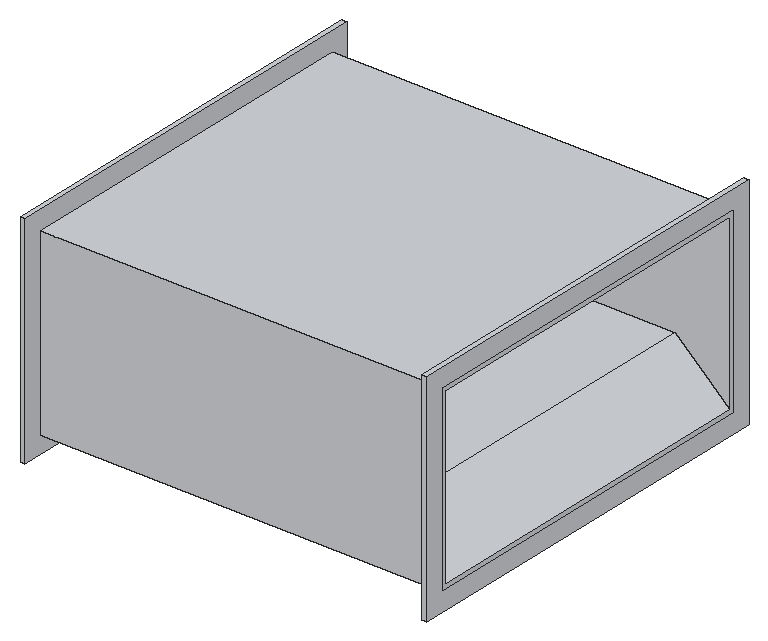
Revit family "ROSENBERG_EKAD", category Wyposażenie mechaniczne, Revit 2016
Family settings
  Typ części = Dzieli na
  Wymiar okrągłego złącza = Użyj średnicy
  Numer OmniClass = 23.75.00.00
  Tytuł OmniClass = Climate Control (HVAC)
  Oparty na płaszczyźnie roboczej = Nie
  Zawsze pionowo = Tak
  Tnij formami wycięć po wczytaniu = Nie
  Współdzielony = Tak
  Punkt obliczania pomieszczeń = Nie
Parameters (values of type "EKAD 200-4 Ex")
  param.szer.ogol = 440 mm
  param.os.went = 0 mm
  Użyj skali opisów [instance] = 0
  Szerokość przyłącza = param.Szerokość  # 400 mm
  param.wentylator = param.Wysokość + 40 mm  # 240 mm
  param.went.ram = 180 mm
  param.went.podstawaR = 250 mm
  param.went.podstawa2R = 160 mm
  param.otw = 60 mm
  param.Wysokość = 200 mm
  param.Szerokość = 400 mm
  Wysokość przyłącza = param.Wysokość  # 200 mm
  URL = "https://rosenberg.pl/pl/products/fans/duct-fans/rectangular-connection/eka/D80-20070/detail?page=1"
  Numer katalogowy = "D80-20070"
  Producent = "Rosenberg"
  param.Długość = 445 mm
  Opis = "Wentylator kanałowy EKA"
  Prąd znamionowy = 0.54 A
  Napięcie znamionowe = 400 V
  Model = "EKAD 200-4 Ex"
  Moc znamionowa = 290 W
  Materiał = none
  Masa = 12.30 kg
  Klasa szczelności = "IP44"
  Częstotliwość pracy = 50 Hz
  Charakterystyka pracy = "https://rosenberg.pl/pl/products/fans/duct-fans/rectangular-connection/eka/D80-20070/detail?page=1#product-characteristics"
Types (17, lengths in mm): name | param.szer.ogol | Szerokość przyłącza | param.wentylator | param.Wysokość | param.Szerokość | Wysokość przyłącza | URL | Numer katalogowy | param.Długość | Prąd znamionowy | Model | Moc znamionowa | Masa | Klasa szczelności | Charakterystyka pracy
  EKAD 200-4 Ex | 440 | 400 | 240 | 200 | 400 | 200 | "https://rosenberg.pl/pl/products/fans/duct-fans/rectangular-connection/eka/D80-20070/detail?page=1" | "D80-20070" | 445 | 0.54 A | "EKAD 200-4 Ex" | 290 W | 12.30 kg | "IP44" | "https://rosenberg.pl/pl/products/fans/duct-fans/rectangular-connection/eka/D80-20070/detail?page=1#product-characteristics"
  EKAD 225-4 Ex | 540 | 500 | 290 | 250 | 500 | 250 | "https://rosenberg.pl/pl/products/fans/duct-fans/rectangular-connection/eka/D80-22571/detail?page=1" | "D80-22571" | 530 | 1 A | "EKAD 225-4 Ex" | 540 W | 13.00 kg | "IP44" | "https://rosenberg.pl/pl/products/fans/duct-fans/rectangular-connection/eka/D80-22571/detail?page=1#product-characteristics"
  EKAD 250-4 Ex | 540 | 500 | 340 | 300 | 500 | 300 | "https://rosenberg.pl/pl/products/fans/duct-fans/rectangular-connection/eka/D80-25071/detail?page=1" | "D80-25071" | 560 | 1.4 A | "EKAD 250-4 Ex" | 750 W | 22.00 kg | "IP44" | "https://rosenberg.pl/pl/products/fans/duct-fans/rectangular-connection/eka/D80-25071/detail?page=1#product-characteristics"
  EKAD 280-4 Ex | 640 | 600 | 340 | 300 | 600 | 300 | "http://rosenberg.pl/pl/products/fans/duct-fans/rectangular-connection/eka/D80-28072/detail?page=1#product-description" | "D80-28072" | 680 | 3 A | "EKAD 280-4 Ex" | 1500 W | 36.50 kg | "IP44" | "http://rosenberg.pl/pl/products/fans/duct-fans/rectangular-connection/eka/D80-28072/detail?page=1#product-characteristics"
  EKAD 280-6 Ex | 640 | 600 | 340 | 300 | 600 | 300 | "https://rosenberg.pl/pl/products/fans/duct-fans/rectangular-connection/eka/D80-28073/detail?page=1" | "D80-28073" | 680 | 1 A | "EKAD 280-6 Ex" | 530 W | 28.00 kg | "IP44" | "https://rosenberg.pl/pl/products/fans/duct-fans/rectangular-connection/eka/D80-28073/detail?page=1#product-characteristics"
  EKAD 315-4 Ex | 640 | 600 | 390 | 350 | 600 | 350 | "https://rosenberg.pl/pl/products/fans/duct-fans/rectangular-connection/eka/D80-31574/detail?page=1" | "D80-31574" | 700 | 4 A | "EKAD 315-4 Ex" | 2000 W | 46.50 kg | "IP44" | "https://rosenberg.pl/pl/products/fans/duct-fans/rectangular-connection/eka/D80-31574/detail?page=1#product-characteristics"
  EKAD 315-6 Ex | 640 | 600 | 390 | 350 | 600 | 350 | "https://rosenberg.pl/pl/products/fans/duct-fans/rectangular-connection/eka/D80-31573/detail?page=1" | "D80-31573" | 700 | 1.35 A | "EKAD 315-6 Ex" | 710 W | 46.50 kg | "IP44" | "https://rosenberg.pl/pl/products/fans/duct-fans/rectangular-connection/eka/D80-31573/detail?page=1#product-characteristics"
  EKAD 355-6 Ex | 740 | 700 | 440 | 400 | 700 | 400 | "https://rosenberg.pl/pl/products/fans/duct-fans/rectangular-connection/eka/D80-35571/detail?page=2" | "D80-35571" | 780 | 2.4 A | "EKAD 355-6 Ex" | 1350 W | 55.50 kg | "IP44" | "https://rosenberg.pl/pl/products/fans/duct-fans/rectangular-connection/eka/D80-35571/detail?page=2#product-characteristics"
  EKAD 280-4.6FA | 640 | 600 | 340 | 300 | 600 | 300 | "https://rosenberg.pl/pl/products/fans/duct-fans/rectangular-connection/eka/D00-28059/detail?page=1" | "D00-28059" | 680 | 2.14 A | "EKAD 280-4.6FA" | 1090 W | 35.00 kg | "IP54" | "https://rosenberg.pl/pl/products/fans/duct-fans/rectangular-connection/eka/D00-28059/detail?page=1#product-characteristics"
  EKAD 315-4.6HF | 640 | 600 | 390 | 350 | 600 | 350 | "https://rosenberg.pl/pl/products/fans/duct-fans/rectangular-connection/eka/D00-31550/detail?page=1" | "D00-31550" | 700 | 4.1 A | "EKAD 315-4.6HF" | 1950 W | 44.00 kg | "IP54" | "https://rosenberg.pl/pl/products/fans/duct-fans/rectangular-connection/eka/D00-31550/detail?page=1#product-characteristics"
  EKAD 400-4.7NA | 840 | 800 | 540 | 500 | 800 | 500 | "https://rosenberg.pl/pl/products/fans/duct-fans/rectangular-connection/eka/D00-40050/detail?page=2" | "D00-40050" | 880 | 7 A | "EKAD 400-4.7NA" | 4100 W | 86.00 kg | "IP54" | "https://rosenberg.pl/pl/products/fans/duct-fans/rectangular-connection/eka/D00-40050/detail?page=2#product-characteristics"
  EKAD 400-6.7KF | 840 | 800 | 540 | 500 | 800 | 500 | "https://rosenberg.pl/pl/products/fans/duct-fans/rectangular-connection/eka/D00-40051/detail?page=2" | "D00-40051" | 880 | 5.3 A | "EKAD 400-6.7KF" | 2750 W | 82.00 kg | "IP54" | "https://rosenberg.pl/pl/products/fans/duct-fans/rectangular-connection/eka/D00-40051/detail?page=2#product-characteristics"
  EKAD 400-8.7HA | 840 | 800 | 540 | 500 | 800 | 500 | "https://rosenberg.pl/pl/products/fans/duct-fans/rectangular-connection/eka/D00-40052/detail?page=2" | "D00-40052" | 880 | 3 A | "EKAD 400-8.7HA" | 1400 W | 75.00 kg | "IP54" | "https://rosenberg.pl/pl/products/fans/duct-fans/rectangular-connection/eka/D00-40052/detail?page=2#product-characteristics"
  EKAD 450-6.7NA | 940 | 900 | 540 | 500 | 900 | 500 | "https://rosenberg.pl/pl/products/fans/duct-fans/rectangular-connection/eka/D00-45050/detail?page=2" | "D00-45050" | 1035 | 6.9 A | "EKAD 450-6.7NA" | 3350 W | 97.00 kg | "IP54" | "https://rosenberg.pl/pl/products/fans/duct-fans/rectangular-connection/eka/D00-45050/detail?page=2#product-characteristics"
  EKAD 450-8.7KF | 940 | 900 | 540 | 500 | 900 | 500 | "https://rosenberg.pl/pl/products/fans/duct-fans/rectangular-connection/eka/D00-45051/detail?page=2" | "D00-45051" | 1035 | 3.9 A | "EKAD 450-8.7KF" | 1930 W | 85.00 kg | "IP54" | "https://rosenberg.pl/pl/products/fans/duct-fans/rectangular-connection/eka/D00-45051/detail?page=2#product-characteristics"
  EKAD 355-4.7KF | 740 | 700 | 440 | 400 | 700 | 400 | "https://rosenberg.pl/pl/products/fans/duct-fans/rectangular-connection/eka/D00-35558/detail?page=2" | "D00-35558" | 780 | 5.85 A | "EKAD 355-4.7KF" | 3350 W | 61.00 kg | "IP54" | "https://rosenberg.pl/pl/products/fans/duct-fans/rectangular-connection/eka/D00-35558/detail?page=2#product-characteristics"
  EKAD 250-4.5FA | 540 | 500 | 340 | 300 | 500 | 300 | "https://rosenberg.pl/pl/products/fans/duct-fans/rectangular-connection/eka/D00-25055/detail?page=1" | "D00-25055" | 560 | 1.31 A | "EKAD 250-4.5FA" | 760 W | 23.00 kg | "IP54" | "https://rosenberg.pl/pl/products/fans/duct-fans/rectangular-connection/eka/D00-25055/detail?page=1#product-characteristics"
Reference planes
  plane 1 "Center (Front/Back)": y = 0
  plane 2: z = 0
  plane 3 "Center (Left/Right)": x = 0
  plane 4: y = 200
  plane 5: y = -200
  plane 6 "back1": x = -222.5
  plane 7 "front1": x = 222.5
  plane 8: z = 100
  plane 9: z = -100
  plane 10: z = -140
  plane 11: z = -40
  plane 12 "oś wentylatora": x = 0
  plane 13 "osw2": x = 162.5
  plane 14 "oc1": y = 240
  plane 15 "oc2": y = -240
Forms (mm)
  Extrusion 1, solid
    sketch origin (0, 0, 260) x (-1, 0, 0) y (0, -1, 0)
      loop
        line (222.5, -200) -> (222.5, 200) -> (-222.5, 200) -> (-222.5, -200) -> (222.5, -200)
    from -360 to -160
  Sweep 2, solid
    path origin (222.5, 0, 0) x (0, 1, 0) y (0, 0, 1)
      loop
        line (200, 100) -> (-200, 100) -> (-200, -100) -> (200, -100) -> (200, 100)
    profile origin (222.5, 0, 100) x (0, 0, -1) y (1, 0, 0)
      loop
        line (0, 0) -> (-20, 0) -> (-20, -5) -> (0, -5) -> (0, 0)
  Sweep 3, solid
    path origin (-222.5, 0, 0) x (0, 1, 0) y (0, 0, 1)
      loop
        line (200, 100) -> (-200, 100) -> (-200, -100) -> (200, -100) -> (200, 100)
    profile origin (-222.5, 0, 100) x (0, 0, -1) y (1, 0, 0)
      loop
        line (0, 0) -> (0, 5) -> (-20, 5) -> (-20, 0) -> (0, 0)
  SweptBlend 4, solid
    path origin (0, 0, 0) x (0, 0, 1) y (0, -1, 0)
      loop
        line (-100, 0) -> (-140, 0)
    profile "Profil2 : Profil2" origin (0, 0, -100) x (0, 1, 0) y (1, 0, 0)
      loop
        circle (0, 0) r 125
    end profile "Profil1 : Profil1" origin (0, 0, -140) x (0, 1, 0) y (1, 0, 0)
      loop
        circle (0, 0) r 80
  SweptBlend 5, void
    path origin (0, 0, 0) x (1, 0, 0) y (0, 0, 1)
      loop
        line (222.5, 0) -> (162.5, 0)
    profile origin (222.5, 0, 0) x (0, 0, -1) y (0, -1, 0)
      loop
        line (-95, -195) -> (95, -195) -> (95, 195) -> (-95, 195) -> (-95, -195)
    end profile origin (162.5, 0, 0) x (0, 0, -1) y (0, -1, 0)
      loop
        line (-95, 195) -> (-95, -195) -> (40, -195) -> (40, 195) -> (-95, 195)
  Extrusion 6, void
    sketch origin (0, 0, 0) x (1, 0, 0) y (0, 0, 1)
      loop
        line (162.5, 95) -> (-162.5, 95) -> (-162.5, -40) -> (162.5, -40) -> (162.5, 95)
    from -195 to 195
  Extrusion 7, void
    sketch origin (0, 0, 0) x (1, 0, 0) y (0, 0, 1)
      loop
        line (-167.5, 95) -> (-222.5, 95) -> (-222.5, -95) -> (215.101, -95) -> (160.555, -45) -> (-167.5, -45) -> (-167.5, 95)
    from -195 to 195
Cuts and joins
  SweptBlend 5, Extrusion 6, Extrusion 7 cuts Extrusion 1
Dimensions and locks
  equal spacing: plane 4, plane 1 "Center (Front/Back)", plane 5
  equal spacing: plane 6 "back1", plane 3 "Center (Left/Right)", plane 7 "front1"
  "param.Długość": plane 6 "back1" to plane 7 "front1"
  "param.Szerokość": plane 4 to plane 5
  "param.wentylator": plane 8 to plane 10
  locked: plane 8 to plane 11 at 140
  "param.os.went": plane 3 "Center (Left/Right)" to plane 12 "oś wentylatora"
  "param.otw": plane 7 "front1" to plane 13 "osw2"
  locked: SweptBlend 5 sketch curve to plane 4 at 5  (x2)
  locked: plane 5 to SweptBlend 5 sketch curve at 5  (x2)
  locked: plane 8 to SweptBlend 5 sketch curve at 5  (x2)
  locked: SweptBlend 5 sketch curve to plane 9 at 5
  equal spacing: plane 8, level, plane 9
  "param.Wysokość": plane 8 to plane 9
  locked: plane 8 to Extrusion 6 sketch curve at 5
  locked: Sweep 3 to plane 6 "back1" at 5
  locked: cut or joined group of Extrusion 1, SweptBlend 5, Extrusion 6, Extrusion 7 to plane 5 at 5  (x2)
  locked: plane 4 to cut or joined group of Extrusion 1, SweptBlend 5, Extrusion 6, Extrusion 7 at 5  (x2)
  locked: Extrusion 6 sketch curve to plane 6 "back1" at 60
  locked: Extrusion 7 sketch curve to plane 6 "back1" at 55
  locked: plane 8 to Extrusion 7 sketch curve at 5
  locked: plane 11 to Extrusion 7 sketch curve at 5
  locked: Extrusion 7 sketch curve to cut or joined group of Extrusion 1, SweptBlend 5, Extrusion 6, Extrusion 7 at 5
  locked: Extrusion 7 sketch curve to plane 9 at 5
  locked: plane 14 "oc1" to plane 4 at 40
  locked: plane 5 to plane 15 "oc2" at 40
  aligned and locked: level to plane 2
  aligned and locked: Extrusion 1 sketch curve to plane 4
  aligned and locked: plane 6 "back1" to Extrusion 1 sketch curve
  aligned and locked: plane 5 to Extrusion 1 sketch curve
  aligned and locked: Extrusion 1 sketch curve to plane 7 "front1"
  aligned and locked: Extrusion 1 to plane 9
  aligned and locked: plane 8 to Extrusion 1
  aligned and locked: Sweep 2 sketch curve to plane 8
  aligned and locked: plane 5 to Sweep 2 sketch curve
  aligned and locked: plane 9 to Sweep 2 sketch curve
  aligned and locked: Sweep 2 sketch curve to plane 4
  aligned and locked: Sweep 3 sketch curve to Extrusion 1  (x4)
  aligned and locked: SweptBlend 4 sketch curve to plane 1 "Center (Front/Back)"
  aligned and locked: plane 9 to SweptBlend 4 sketch curve
  aligned and locked: plane 10 to SweptBlend 4 sketch curve
  aligned and locked: Sweep 2 to SweptBlend 5 sketch curve
  aligned and locked: plane 13 "osw2" to SweptBlend 5 sketch curve
  aligned and locked: SweptBlend 5 sketch curve to plane 11
  aligned and locked: plane 13 "osw2" to Extrusion 6 sketch curve
  aligned and locked: plane 11 to Extrusion 6 sketch curve
  aligned and locked: Extrusion 7 sketch curve to plane 6 "back1"
  aligned and locked: SweptBlend 5 to Extrusion 6
  aligned and locked: Extrusion 6 to SweptBlend 5
Automatic sketch dimensions
  Sweep 2 sketch curve to profile plane = 0 mm
  Sweep 2 sketch curve to plane 7 "front1" = 0 mm
  Sweep 2 sketch curve to plane 7 "front1" = 5 mm
  profile plane to Sweep 2 sketch curve = 20 mm
  Sweep 3 sketch curve to profile plane = 0 mm
  Sweep 3 sketch curve to plane 6 "back1" = 0 mm
  plane 6 "back1" to Sweep 3 sketch curve = 5 mm
  profile plane to Sweep 3 sketch curve = 20 mm
  SweptBlend 5 sketch curve to level = 0 mm
Connectors
  hvac at (222.5, 0, 0), driven by "Wysokość przyłącza", driven by "Szerokość przyłącza"
    settings: on cut or joined group of Extrusion 1, SweptBlend 5, Extrusion 6, Extrusion 7, index 1, duct flow 0.0 L/s, flow factor 0, pres drop 0.0 Pa, loss coef 0, conn angle 0.00°, conn width 400 mm, conn height 200 mm, conn diameter 609.6 mm, duct sys type 29, conn prof type 1, flow config 0, flow direction 2, loss method 0, conn ref index 2, conn util no, is conn primary yes, conn desc "AirOut"
  hvac at (-222.5, 0, 0), driven by "Wysokość przyłącza", driven by "Szerokość przyłącza"
    settings: on cut or joined group of Extrusion 1, SweptBlend 5, Extrusion 6, Extrusion 7, index 2, duct flow 0.0 L/s, flow factor 0, pres drop 0.0 Pa, loss coef 0, conn angle 0.00°, conn width 400 mm, conn height 200 mm, conn diameter 609.6 mm, duct sys type 29, conn prof type 1, flow config 0, flow direction 1, loss method 0, conn ref index 1, conn util no, is conn primary no, conn desc "AirIn"
  electrical at (0, 0, -140), driven by "Napięcie znamionowe"
    settings: on SweptBlend 4, index 3, voltage 400 V, apparent load 0 VA, apparent load phase1 0 VA, apparent load phase2 0 VA, apparent load phase3 0 VA, power factor 1, load classification "HVAC", number of poles 3, system type 31, power factor state 1, is connector primary yes, connector utility no, sub classification motor no, connector description ""
